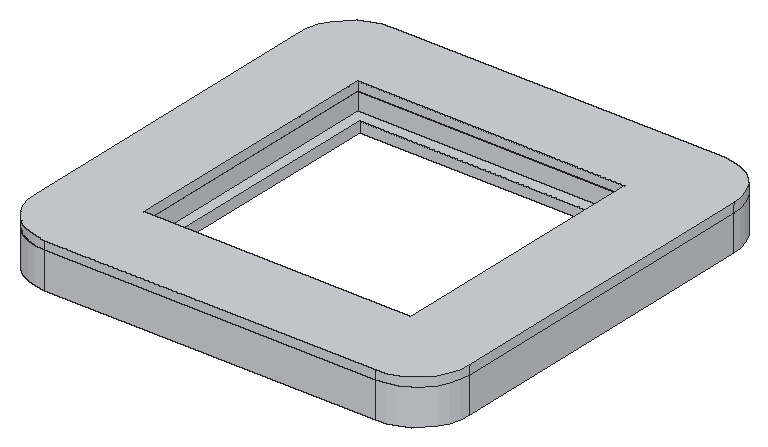
Revit family "Gira_0211426", category Electrical Fixtures, host Face, Revit 2017
Family settings
  Host = Face
  Maintain Annotation Orientation = No
  Round Connector Dimension = Use Diameter
  Part Type = Normal
  Cut with Voids When Loaded = No
  Shared = No
  Room Calculation Point = No
Parameters (values of type "Abdeckrahmen 1f Gira E3 Umbra/Anthrazit")
  Werkstoffgüte = "sonstige"
  Werkstoff = "sonstige"
  URL = "http://katalog.gira.de/de_DE/datenblatt.html?artikelnr=0211426"
  Transparent = "No"
  Textfeld/Beschriftungsfläche = "No"
  Schutzart (IP) = "IP20"
  Region = "DE"
  Oberfläche = "sonstige"
  Name = "Abdeckrahmen 1f Gira E3 Umbra/Anthrazit"
  Montagerichtung = "horizontal und vertikal"
  Mit Montagerahmen = "No"
  Mit Klappdeckel = "No"
  Manufacturer URL = "https://www.gira.de/"
  Keynote = "E3_Rahmen_1fach"
  HeinzeBIM = "https://bimportal.heinze.de/bim/abdeckrahmen-1f-gira-e3-umbra-anthrazit/1119e81d99a2870d3efe96a6830f25c7b127c8a4"
  Halogenfrei = "No"
  HAN = "0211426"
  Geeignet für Unterputz-Installation = "Yes"
  Geeignet für Unterflurkanaldose = "No"
  Geeignet für Geräteeinbaukanal = "No"
  Geeignet für Einbauinstallation = "No"
  GTIN = "4010337024453"
  Farbe = "sonstige"
  Default Elevation = 1219.2 mm
  Data sheet (1) = "https://katalog.gira.de/de_DE/download.html?artikelnr=0211426"
  Category = "Abdeckrahmen"
  Befestigungsart = "Klemmbefestigung"
  Available = "Yes"
  Anzahl der Einheiten vertikal = "1 "
  Anzahl der Einheiten horizontal = "1 "
  Anzahl der Einheiten = "1 "
Reference planes
  plane 1 "Center (Front/Back)": y = 0
  plane 2: z = 0
  plane 3 "Center (Left/Right)": x = 0
Forms (mm)
  Extrusion 1, solid, detail levels fine
    sketch origin (0, 0, 0) x (1, 0, 0) y (0, 1, 0)
      loop
        arc (-34.8, 45.809) -> (-42.585, 42.585) -> (-45.809, 34.8) r 11.009
        line (-45.809, 34.8) -> (-45.809, -34.8)
        arc (-45.809, -34.8) -> (-42.585, -42.585) -> (-34.8, -45.809) r 11.009
        line (-34.8, -45.809) -> (34.8, -45.809)
        arc (34.8, -45.809) -> (42.585, -42.585) -> (45.809, -34.8) r 11.009
        line (45.809, -34.8) -> (45.809, 34.8)
        arc (45.809, 34.8) -> (42.585, 42.585) -> (34.8, 45.809) r 11.009
        line (34.8, 45.809) -> (-34.8, 45.809)
      loop
        line (28.187, 28.156) -> (-28.187, 28.156) -> (-28.187, -28.156) -> (28.187, -28.156) -> (28.187, 28.156)
    from 7.65 to 9.5
  Extrusion 2, solid, detail levels fine
    sketch origin (0, 0, 0) x (1, 0, 0) y (0, 1, 0)
      loop
        line (25.7, 25.7) -> (-25.7, 25.7) -> (-25.7, -25.7) -> (25.7, -25.7) -> (25.7, 25.7)
      loop
        line (-28.187, -28.156) -> (28.187, -28.156) -> (28.187, 28.156) -> (-28.187, 28.156) -> (-28.187, -28.156)
    from 1.65 to 3.9
  Extrusion 3, solid, detail levels fine
    sketch origin (0, 0, 0) x (1, 0, 0) y (0, 1, 0)
      loop
        arc (-34.8, 45.809) -> (-42.585, 42.585) -> (-45.809, 34.8) r 11.009
        line (-45.809, 34.8) -> (-45.809, -34.8)
        arc (-45.809, -34.8) -> (-42.585, -42.585) -> (-34.8, -45.809) r 11.009
        line (-34.8, -45.809) -> (34.8, -45.809)
        arc (34.8, -45.809) -> (42.585, -42.585) -> (45.809, -34.8) r 11.009
        line (45.809, -34.8) -> (45.809, 34.8)
        arc (45.809, 34.8) -> (42.585, 42.585) -> (34.8, 45.809) r 11.009
        line (34.8, 45.809) -> (-34.8, 45.809)
      loop
        line (-43.843, 34.785) -> (-43.843, -34.785)
        arc (-43.843, -34.785) -> (-41.19, -41.19) -> (-34.785, -43.843) r 9.058
        line (-34.785, -43.843) -> (34.785, -43.843)
        arc (34.785, -43.843) -> (41.19, -41.19) -> (43.843, -34.785) r 9.058
        line (43.843, -34.785) -> (43.843, 34.785)
        arc (43.843, 34.785) -> (41.19, 41.19) -> (34.785, 43.843) r 9.058
        line (34.785, 43.843) -> (-34.785, 43.843)
        arc (-34.785, 43.843) -> (-41.19, 41.19) -> (-43.843, 34.785) r 9.058
    from 0 to 7.65
  Extrusion 4, solid, detail levels fine
    sketch origin (0, 0, 0) x (1, 0, 0) y (0, 1, 0)
      loop
        line (-27.337, -31.075) -> (27.337, -31.075)
        arc (27.337, -31.075) -> (29.98, -29.98) -> (31.075, -27.337) r 3.739
        line (31.075, -27.337) -> (31.075, 27.337)
        arc (31.075, 27.337) -> (29.98, 29.98) -> (27.337, 31.075) r 3.739
        line (27.337, 31.075) -> (-27.337, 31.075)
        arc (-27.337, 31.075) -> (-29.98, 29.98) -> (-31.075, 27.337) r 3.739
        line (-31.075, 27.337) -> (-31.075, -27.337)
        arc (-31.075, -27.337) -> (-29.98, -29.98) -> (-27.337, -31.075) r 3.739
      loop
        line (-29.925, 27.537) -> (-29.925, -27.537)
        arc (-29.925, -27.537) -> (-29.226, -29.226) -> (-27.537, -29.925) r 2.389
        line (-27.537, -29.925) -> (27.537, -29.925)
        arc (27.537, -29.925) -> (29.226, -29.226) -> (29.925, -27.537) r 2.389
        line (29.925, -27.537) -> (29.925, 27.537)
        arc (29.925, 27.537) -> (29.226, 29.226) -> (27.537, 29.925) r 2.389
        line (27.537, 29.925) -> (-27.537, 29.925)
        arc (-27.537, 29.925) -> (-29.226, 29.226) -> (-29.925, 27.537) r 2.389
    from 1.65 to 7.65
  Extrusion 5, solid, detail levels fine
    sketch origin (0, 0, 0) x (1, 0, 0) y (0, 1, 0)
      loop
        line (-32.053, -39.8) -> (32.053, -39.8)
        arc (32.053, -39.8) -> (37.667, -36.708) -> (39.9, -30.7) r 9.2
        line (39.9, -30.7) -> (39.9, 30.7)
        arc (39.9, 30.7) -> (37.205, 37.205) -> (30.7, 39.9) r 9.2
        line (30.7, 39.9) -> (-30.7, 39.9)
        arc (-30.7, 39.9) -> (-37.205, 37.205) -> (-39.9, 30.7) r 9.2
        line (-39.9, 30.7) -> (-39.9, -30.7)
        arc (-39.9, -30.7) -> (-37.667, -36.708) -> (-32.053, -39.8) r 9.2
      loop
        line (-30.7, -31.7) -> (30.7, -31.7)
        arc (30.7, -31.7) -> (31.407, -31.407) -> (31.7, -30.7) r 1
        line (31.7, -30.7) -> (31.7, 30.7)
        arc (31.7, 30.7) -> (31.407, 31.407) -> (30.7, 31.7) r 1
        line (30.7, 31.7) -> (-30.7, 31.7)
        arc (-30.7, 31.7) -> (-31.407, 31.407) -> (-31.7, 30.7) r 1
        line (-31.7, 30.7) -> (-31.7, -30.7)
        arc (-31.7, -30.7) -> (-31.407, -31.407) -> (-30.7, -31.7) r 1
    from 1.65 to 3.9
  Extrusion 6, solid, detail levels fine
    sketch origin (0, 0, 0) x (1, 0, 0) y (0, 1, 0)
      loop
        line (-28.187, 28.156) -> (-28.187, -28.156) -> (28.187, -28.156) -> (28.187, 28.156) -> (-28.187, 28.156)
      loop
        line (-29.925, 29.925) -> (-29.925, -29.925) -> (29.925, -29.925) -> (29.925, 29.925) -> (-29.925, 29.925)
    from 1.65 to 7.65
  Extrusion 7, solid, detail levels coarse+medium
    sketch origin (0, 0, 0) x (1, 0, 0) y (0, 1, 0)
      loop
        line (-45.809, 45.809) -> (-45.809, -45.809) -> (45.809, -45.809) -> (45.809, 45.809) -> (-45.809, 45.809)
    from 0 to 9.5
Dimensions and locks
  aligned and locked: plane 2 to host face
  aligned and locked: level to host face
